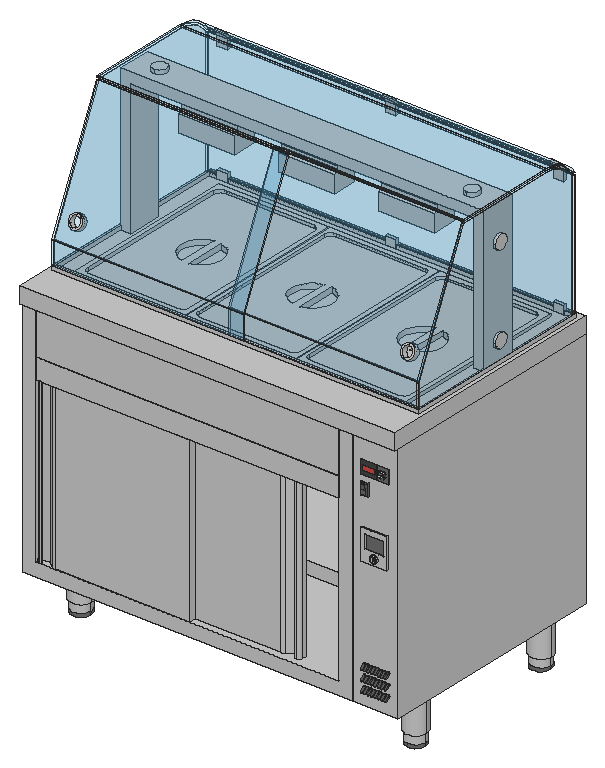
Revit family "QF_INOMAK_MFV711_250606081617", category Specialty Equipment, Revit 2021
Family settings
  Round Connector Dimension = Use Diameter
  Part Type = Normal
  OmniClass Number = 23.40.40.14
  OmniClass Title = Food Service Equipment
  Work Plane-Based = No
  Always vertical = Yes
  Cut with Voids When Loaded = No
  Shared = No
  Room Calculation Point = No
Parameters (values of type "MFV711")
  Weight [instance] = 87.00 kg
  Waste Water Discharge Temperature [instance] = 0 °C
  Waste Remarks [instance] = ""
  Warranty Start Date [instance] = ""
  Warranty Duration [instance] = ""
  Volts [instance] = 230 V
  Volt Free Conn [instance] = no
  URL Recommended Spares List [instance] = ""
  URL Manufacturer [instance] = ""
  URL Cutsheet [instance] = ""
  URL Critical Spares List [instance] = ""
  URL = "www.inomak.com"
  Technical Documentation [instance] = ""
  Tag Number [instance] = ""
  Status [instance] = ""
  Start Up Current [instance] = 0 A
  Specification by User [instance] = ""
  Specification by Manufacturer [instance] = ""
  Sound Level [instance] = ""
  Show Logo [instance] = yes
  Show Clearances [instance] = yes
  Service Life Duration [instance] = ""
  Serial Number [instance] = ""
  Seismic Rating [instance] = ""
  SMACNA No [instance] = ""
  Revision Code [instance] = ""
  Revision [instance] = ""
  Production Year [instance] = ""
  Potential Equalisation [instance] = no
  Point Load [instance] = 0
  Plumbing Remarks [instance] = ""
  Plumbing Connection Type [instance] = ""
  Phase [instance] = 1
  Other Equipment Approvals [instance] = ""
  Operational Current [instance] = 0 A
  Odor Trap Included [instance] = no
  Number of Poles [instance] = 2
  No Load Power Draw [instance] = no
  National Water Regulation Certification [instance] = no
  NAFEM Spec ID Number [instance] = ""
  Model Warning [instance] = ""
  Model = "MFV711"
  Min Ckt Ampacity [instance] = 0 A
  Max Overcurrent Protection [instance] = 16 A
  Masterspec [instance] = ""
  Manufacturer = "INOMAK"
  Main switch integrated [instance] = no
  Length Actual [instance] = 1102 mm
  Item Number [instance] = ""
  Installed By [instance] = ""
  Installation Date [instance] = ""
  Indirect Waste Size [instance] = 25.4 mm
  Indirect Waste Remarks [instance] = ""
  Indirect Waste Flow [instance] = 0.0 L/s
  Indirect Waste Connection Type [instance] = ""
  Indirect Waste Connection Height [instance] = 0 mm
  Identify Quantity as Lot [instance] = no
  ID [instance] = ""
  Hygiene Approval [instance] = ""
  Height Actual [instance] = 1313 mm
  HP power [instance] = ""
  Furnished By [instance] = ""
  Foodservice Equipment Identifier [instance] = no
  FL Amps [instance] = 10.4 A
  Electrical Remarks [instance] = ""
  Electric power [instance] = 2390 W
  Electric Connection Type [instance] = ""
  Elec Conn RI Height [instance] = 0 mm
  Elec Conn Connection Height [instance] = 0 mm
  ETL Approved [instance] = no
  Direct Waste Water Discharge Temperature [instance] = -273.15 °C
  Direct Waste Size [instance] = 25.4 mm
  Direct Waste RI Height [instance] = 0 mm
  Direct Waste Flow [instance] = 0.0 L/s
  Direct Waste Connection Height [instance] = 0 mm
  Description = "BAIN MARIE ON CUPBOARD WITH 2 GN PANS CAPACITY AND SHOWCASE"
  Depth Actual [instance] = 700 mm
  Default Elevation = 0 mm
  Cycle [instance] = 50 Hz
  Cost = 0
  Connection to energy optimisation system [instance] = yes
  Conn Plug [instance] = ""
  Conn Conduit [instance] = no
  Cold Water Temperature Recommended [instance] = 0 °C
  Cold Water Size [instance] = 12.7 mm
  Cold Water Remarks [instance] = ""
  Cold Water RI Height [instance] = 0 mm
  Cold Water Quality [instance] = ""
  Cold Water Minimum Pressure [instance] = 200000.0 Pa
  Cold Water Maximum Pressure [instance] = 600000.0 Pa
  Cold Water Flow [instance] = 0.0 L/s
  Cold Water Connection Type [instance] = ""
  Cold Water Connection Height [instance] = 0 mm
  Centralized building control system with digital interface [instance] = ""
  CSI MasterFormat [instance] = ""
  CE Approved [instance] = no
  Barcode [instance] = 0
  Author [instance] = ""
  Asset Identifier [instance] = ""
  Apparent Power [instance] = 2390 VA
  Accessory [instance] = no
Reference planes
  plane 1 "Center (Front/Back)": y = 0
  plane 2: z = 0
  plane 3 "Center (Left/Right)": x = 0
Forms (mm)
  Extrusion 1, solid, not visible
    sketch origin (110.005, -510.025, 146.007) x (1, 0, 0) y (0, 1, 0)
      loop
        line (-2, 2) -> (-2, -2) -> (2, -2) -> (2, 2) -> (-2, 2)
    from -2 to 2
  Extrusion 2, solid, not visible
    sketch origin (110.005, -510.025, 146.007) x (1, 0, 0) y (0, 1, 0)
      loop
        line (-2, 2) -> (-2, -2) -> (2, -2) -> (2, 2) -> (-2, 2)
    from -2 to 2
  Extrusion 3, solid, not visible
    sketch origin (1055.051, -635.031, 146.007) x (1, 0, 0) y (0, 1, 0)
      loop
        line (-2, 2) -> (-2, -2) -> (2, -2) -> (2, 2) -> (-2, 2)
    from -2 to 2
Dimensions and locks
  locked: nested 2 to Extrusion 1 at 2  (x2)
  locked: nested 3 to Extrusion 2 at 2  (x2)
  locked: nested 4 to Extrusion 3 at 2  (x2)
  aligned and locked: level to plane 2
Nested families
  nested 1: "QF_INOMAK_CUPBOARD_BAIN_MARIES_1105_2920" at (0, 0, 144), type "MFV711"
    with Weight 87.00 kg, Warranty Start Date "", Warranty Duration "", URL Cutsheet "", Technical Documentation "", Tag Number "", Status "", Specification by User "", Specification by Manufacturer "", Sound Level "", Solid Fuel Type "", Show Logo yes, Show Clearances yes, Service Life Duration "", Serial Number "", Seismic Rating "", SMACNA No "", Revision Code "", Revision "", Production Year "", Point Load 0, Other Equipment Approvals "", NAFEM Spec ID Number "", Model Warning "", Masterspec "", Length Actual 1102 mm, Item Number "", Installed By "", Installation Date "", Identify Quantity as Lot yes, ID "", Hygiene Approval "", Height Actual 1313 mm, Furnished By "", Foodservice Equipment Identifier yes, ETL Approved yes, Depth Actual 700 mm, CSI MasterFormat "", CE Approved yes, Barcode "", Author "", Asset Identifier "", Accessory no
  nested 2: "CONN_POINT_COLDWATER_2D___Generic_Annotation" at (110.005, -510.025, 144.007), type "CONN_POINT_COLDWATER_2D___Generic_Annotation"
    with Onboard connection annotation symbol visibility yes
  nested 3: "CONN_POINT_DRAIN_2D___Generic_Annotation" at (110.005, -510.025, 144.007), type "CONN_POINT_DRAIN_2D___Generic_Annotation"
    with Onboard connection annotation symbol visibility yes
  nested 4: "CONN_POINT_ELE_2D___Generic_Annotation" at (1055.051, -635.031, 144.007), type "CONN_POINT_ELE_2D___Generic_Annotation"
    with Onboard connection annotation symbol visibility yes
  nested 5: "QF_INOMAK_HEAT_WORKTOPS_HTVF_1080_4995" at (11, 0, 900), type "HTVF-1080-630"
    with Weight 0.00 kg, Warranty Start Date "", Warranty Duration "", URL Cutsheet "", Technical Documentation "", Tag Number "", Status "", Specification by User "", Specification by Manufacturer "", Sound Level "", Solid Fuel Type "", Show Logo yes, Show Clearances yes, Service Life Duration "", Serial Number "", Seismic Rating "", SMACNA No "", Revision Code "", Revision "", Production Year "", Point Load 0, Other Equipment Approvals "", NAFEM Spec ID Number "", Model Warning "", Masterspec "", Length Actual 1078 mm, Item Number "", Installed By "", Installation Date "", Identify Quantity as Lot yes, ID "", Hygiene Approval "", Height Actual 440 mm, Furnished By "", Foodservice Equipment Identifier yes, ETL Approved yes, Depth Actual 629 mm, CSI MasterFormat "", CE Approved yes, Barcode "", Author "", Asset Identifier "", Accessory yes
  nested 6: "QF_INOMAK_LEGS_6160" at (0, 0, 0), type "LG-1105-700"
    with Weight 0.00 kg, Warranty Start Date "", Warranty Duration "", URL Cutsheet "", Technical Documentation "", Tag Number "", Status "", Specification by User "", Specification by Manufacturer "", Sound Level "", Solid Fuel Type "", Show Logo yes, Show Clearances yes, Service Life Duration "", Serial Number "", Seismic Rating "", SMACNA No "", Revision Code "", Revision "", Production Year "", Point Load 0, Other Equipment Approvals "", NAFEM Spec ID Number "", Model Warning "", Masterspec "", Length Actual 1103 mm, Item Number "", Installed By "", Installation Date "", Identify Quantity as Lot yes, ID "", Hygiene Approval "", Height Actual 144 mm, Furnished By "", Foodservice Equipment Identifier yes, ETL Approved yes, Depth Actual 700 mm, CSI MasterFormat "", CE Approved yes, Barcode "", Author "", Asset Identifier "", Accessory yes
Connectors
  piping at (110.005, -510.025, 144.007), diameter 12.7, driven by "Cold Water Size", driven by "Cold Water Flow"
    settings: on Extrusion 1, index 1, connector inside diameter 609.6 mm, connector length 0 mm, flow factor 0, pipe flow 0.0 L/s, pressure drop 0.0 Pa, fitting loss kfactor 0, connector angle 0.00°, fixture units 0, engagement length 0 mm, angle of deflection 0.00°, flow configuration 1, flow direction 1, fitting loss method 0, system type 20, joint type 0, gender type 0, connector reference index -1, connector utility 0, adjustable connector no, is connector primary yes, connector description "Cold Water connection for MFV711"
  piping at (110.005, -510.025, 144.007), diameter 25.4, driven by "Indirect Waste Size", driven by "Direct Waste Flow"
    settings: on Extrusion 2, index 2, connector inside diameter 609.6 mm, connector length 0 mm, flow factor 0, pipe flow 0.0 L/s, pressure drop 0.0 Pa, fitting loss kfactor 0, connector angle 0.00°, fixture units 0, engagement length 0 mm, angle of deflection 0.00°, flow configuration 1, flow direction 2, fitting loss method 0, system type 16, joint type 0, gender type 0, connector reference index -1, connector utility 0, adjustable connector no, is connector primary no, connector description "Waste connection for MFV711"
  electrical at (1055.051, -635.031, 144.007), driven by "Apparent Power", driven by "Number of Poles", driven by "Volts"
    settings: on Extrusion 3, index 3, voltage 230 V, apparent load 0 VA, apparent load phase1 2390 VA, apparent load phase2 0 VA, apparent load phase3 0 VA, power factor 1, load classification "Other", number of poles 2, system type 31, power factor state 1, is connector primary yes, connector utility no, sub classification motor no, connector description "Electrical connection for MFV711"
Definition of nested family "QF_INOMAK_CUPBOARD_BAIN_MARIES_1105_2920"
  Parameters (values of type "MFV711")
    Weight [instance] = 0.00 kg
    Warranty Start Date [instance] = ""
    Warranty Duration [instance] = ""
    URL Cutsheet [instance] = ""
    URL = "www.inomak.com"
    Technical Documentation [instance] = ""
    Tag Number [instance] = ""
    Status [instance] = ""
    Specification by User [instance] = ""
    Specification by Manufacturer [instance] = ""
    Sound Level [instance] = ""
    Solid Fuel Type [instance] = ""
    Show Logo [instance] = yes
    Show Clearances [instance] = yes
    Service Life Duration [instance] = ""
    Serial Number [instance] = ""
    Seismic Rating [instance] = ""
    SMACNA No [instance] = ""
    Revision Code [instance] = ""
    Revision [instance] = ""
    Production Year [instance] = ""
    Point Load [instance] = 0
    Other Equipment Approvals [instance] = ""
    NAFEM Spec ID Number [instance] = ""
    Model Warning [instance] = ""
    Model = "MFV711"
    Masterspec [instance] = ""
    Manufacturer = "INOMAK"
    Length Actual [instance] = 0 mm
    Item Number [instance] = ""
    Installed By [instance] = ""
    Installation Date [instance] = ""
    Identify Quantity as Lot [instance] = yes
    ID [instance] = ""
    Hygiene Approval [instance] = ""
    Height Actual [instance] = 0 mm
    Furnished By [instance] = ""
    Foodservice Equipment Identifier [instance] = yes
    ETL Approved [instance] = yes
    Description = "BAIN MARIE ON CUPBOARD WITH 2 GN PANS CAPACITY AND SHOWCASE"
    Depth Actual [instance] = 0 mm
    Default Elevation = 0 mm
    CSI MasterFormat [instance] = ""
    CE Approved [instance] = yes
    Barcode [instance] = ""
    Author [instance] = ""
    Asset Identifier [instance] = ""
    Assembly Code = "E1090320"
    Accessory [instance] = yes
  Types (10, lengths in mm): name | Model | Description
    MFV711 | "MFV711" | "BAIN MARIE ON CUPBOARD WITH 2 GN PANS CAPACITY AND SHOWCASE"
    MVV711 | "MVV711" | "BAIN MARIE ON CUPBOARD WITH 2 GN PANS CAPACITY AND SINGLE SNEEZE GUARD"
    MFSQ711 | "MFSQ711" | "BAIN MARIE ON CUPBOARD WITH 2 GN PANS CAPACITY AND SQUARE SHOWCASE"
    MHV711 | "MHV711" | "BAIN MARIE ON HEATED CUPBOARD WITH 2 GN PANS CAPACITY"
    MDV711 | "MDV711" | "BAIN MARIE ON CUPBOARD WITH 2 GN PANS CAPACITY"
    MRV711 | "MRV711" | "BAIN MARIE ON CUPBOARD WITH 2 GN PANS CAPACITY AND DOUBLE SNEEZE GUARD"
    MIV711 | "MIV711" | "BAIN MARIE ON HEATED CUPBOARD WITH 2 GN PANS CAPACITY AND SHOWCASE"
    MJV711 | "MJV711" | "BAIN MARIE ON HEATED CUPBOARD WITH 2 GN PANS CAPACITY AND SINGLE SNEEZE GUARD"
    MQV711 | "MQV711" | "BAIN MARIE ON HEATED CUPBOARD WITH 2 GN PANS CAPACITY AND DOUBLE SNEEZE GUARD"
    MISQ711 | "MISQ711" | "BAIN MARIE ON HEATED CUPBOARD WITH 2 GN PANS CAPACITY AND SQUARE SHOWCASE"
  Reference planes
    plane 1 "Back": y = 0
    plane 2: z = 0
    plane 3 "Left": x = 0
    plane 4 "Right": x = 1102
    plane 5 "Front": y = -700
    plane 6 "Top": z = 756
  Forms (mm)
    Extrusion 1, solid
      sketch origin (479.783, -707, -123.631) x (-1, 0, 0) y (0, 0, 1)
        loop
          arc (-522.253, 235.165) -> (-526.351, 236.263) -> (-527.449, 232.165) r 3
          line (-527.449, 232.165) -> (-518.449, 216.577)
          arc (-518.449, 216.577) -> (-514.351, 215.479) -> (-513.253, 219.577) r 3
          line (-513.253, 219.577) -> (-522.253, 235.165)
        loop
          arc (-532.253, 235.165) -> (-536.351, 236.263) -> (-537.449, 232.165) r 3
          line (-537.449, 232.165) -> (-528.449, 216.577)
          arc (-528.449, 216.577) -> (-524.351, 215.479) -> (-523.253, 219.577) r 3
          line (-523.253, 219.577) -> (-532.253, 235.165)
        loop
          arc (-542.253, 235.165) -> (-546.351, 236.263) -> (-547.449, 232.165) r 3
          line (-547.449, 232.165) -> (-538.449, 216.577)
          arc (-538.449, 216.577) -> (-534.351, 215.479) -> (-533.253, 219.577) r 3
          line (-533.253, 219.577) -> (-542.253, 235.165)
        loop
          arc (-552.253, 235.165) -> (-556.351, 236.263) -> (-557.449, 232.165) r 3
          line (-557.449, 232.165) -> (-548.449, 216.577)
          arc (-548.449, 216.577) -> (-544.351, 215.479) -> (-543.253, 219.577) r 3
          line (-543.253, 219.577) -> (-552.253, 235.165)
        loop
          arc (-562.253, 235.165) -> (-566.351, 236.263) -> (-567.449, 232.165) r 3
          line (-567.449, 232.165) -> (-558.449, 216.577)
          arc (-558.449, 216.577) -> (-554.351, 215.479) -> (-553.253, 219.577) r 3
          line (-553.253, 219.577) -> (-562.253, 235.165)
        loop
          arc (-572.253, 235.165) -> (-576.351, 236.263) -> (-577.449, 232.165) r 3
          line (-577.449, 232.165) -> (-568.449, 216.577)
          arc (-568.449, 216.577) -> (-564.351, 215.479) -> (-563.253, 219.577) r 3
          line (-563.253, 219.577) -> (-572.253, 235.165)
        loop
          arc (-582.253, 235.165) -> (-586.351, 236.263) -> (-587.449, 232.165) r 3
          line (-587.449, 232.165) -> (-578.449, 216.577)
          arc (-578.449, 216.577) -> (-574.351, 215.479) -> (-573.253, 219.577) r 3
          line (-573.253, 219.577) -> (-582.253, 235.165)
        loop
          arc (-592.253, 235.165) -> (-596.351, 236.263) -> (-597.449, 232.165) r 3
          line (-597.449, 232.165) -> (-588.449, 216.577)
          arc (-588.449, 216.577) -> (-584.351, 215.479) -> (-583.253, 219.577) r 3
          line (-583.253, 219.577) -> (-592.253, 235.165)
        loop
          arc (-522.253, 205.165) -> (-526.351, 206.263) -> (-527.449, 202.165) r 3
          line (-527.449, 202.165) -> (-518.449, 186.577)
          arc (-518.449, 186.577) -> (-514.351, 185.479) -> (-513.253, 189.577) r 3
          line (-513.253, 189.577) -> (-522.253, 205.165)
        loop
          arc (-532.253, 205.165) -> (-536.351, 206.263) -> (-537.449, 202.165) r 3
          line (-537.449, 202.165) -> (-528.449, 186.577)
          arc (-528.449, 186.577) -> (-524.351, 185.479) -> (-523.253, 189.577) r 3
          line (-523.253, 189.577) -> (-532.253, 205.165)
        loop
          arc (-542.253, 205.165) -> (-546.351, 206.263) -> (-547.449, 202.165) r 3
          line (-547.449, 202.165) -> (-538.449, 186.577)
          arc (-538.449, 186.577) -> (-534.351, 185.479) -> (-533.253, 189.577) r 3
          line (-533.253, 189.577) -> (-542.253, 205.165)
        loop
          arc (-552.253, 205.165) -> (-556.351, 206.263) -> (-557.449, 202.165) r 3
          line (-557.449, 202.165) -> (-548.449, 186.577)
          arc (-548.449, 186.577) -> (-544.351, 185.479) -> (-543.253, 189.577) r 3
          line (-543.253, 189.577) -> (-552.253, 205.165)
        loop
          arc (-562.253, 205.165) -> (-566.351, 206.263) -> (-567.449, 202.165) r 3
          line (-567.449, 202.165) -> (-558.449, 186.577)
          arc (-558.449, 186.577) -> (-554.351, 185.479) -> (-553.253, 189.577) r 3
          line (-553.253, 189.577) -> (-562.253, 205.165)
        loop
          arc (-572.253, 205.165) -> (-576.351, 206.263) -> (-577.449, 202.165) r 3
          line (-577.449, 202.165) -> (-568.449, 186.577)
          arc (-568.449, 186.577) -> (-564.351, 185.479) -> (-563.253, 189.577) r 3
          line (-563.253, 189.577) -> (-572.253, 205.165)
        loop
          arc (-582.253, 205.165) -> (-586.351, 206.263) -> (-587.449, 202.165) r 3
          line (-587.449, 202.165) -> (-578.449, 186.577)
          arc (-578.449, 186.577) -> (-574.351, 185.479) -> (-573.253, 189.577) r 3
          line (-573.253, 189.577) -> (-582.253, 205.165)
        loop
          arc (-592.253, 205.165) -> (-596.351, 206.263) -> (-597.449, 202.165) r 3
          line (-597.449, 202.165) -> (-588.449, 186.577)
          arc (-588.449, 186.577) -> (-584.351, 185.479) -> (-583.253, 189.577) r 3
          line (-583.253, 189.577) -> (-592.253, 205.165)
        loop
          arc (-522.253, 175.165) -> (-526.351, 176.263) -> (-527.449, 172.165) r 3
          line (-527.449, 172.165) -> (-518.449, 156.577)
          arc (-518.449, 156.577) -> (-514.351, 155.479) -> (-513.253, 159.577) r 3
          line (-513.253, 159.577) -> (-522.253, 175.165)
        loop
          arc (-532.253, 175.165) -> (-536.351, 176.263) -> (-537.449, 172.165) r 3
          line (-537.449, 172.165) -> (-528.449, 156.577)
          arc (-528.449, 156.577) -> (-524.351, 155.479) -> (-523.253, 159.577) r 3
          line (-523.253, 159.577) -> (-532.253, 175.165)
        loop
          arc (-542.253, 175.165) -> (-546.351, 176.263) -> (-547.449, 172.165) r 3
          line (-547.449, 172.165) -> (-538.449, 156.577)
          arc (-538.449, 156.577) -> (-534.351, 155.479) -> (-533.253, 159.577) r 3
          line (-533.253, 159.577) -> (-542.253, 175.165)
        loop
          arc (-552.253, 175.165) -> (-556.351, 176.263) -> (-557.449, 172.165) r 3
          line (-557.449, 172.165) -> (-548.449, 156.577)
          arc (-548.449, 156.577) -> (-544.351, 155.479) -> (-543.253, 159.577) r 3
          line (-543.253, 159.577) -> (-552.253, 175.165)
        loop
          arc (-562.253, 175.165) -> (-566.351, 176.263) -> (-567.449, 172.165) r 3
          line (-567.449, 172.165) -> (-558.449, 156.577)
          arc (-558.449, 156.577) -> (-554.351, 155.479) -> (-553.253, 159.577) r 3
          line (-553.253, 159.577) -> (-562.253, 175.165)
        loop
          arc (-572.253, 175.165) -> (-576.351, 176.263) -> (-577.449, 172.165) r 3
          line (-577.449, 172.165) -> (-568.449, 156.577)
          arc (-568.449, 156.577) -> (-564.351, 155.479) -> (-563.253, 159.577) r 3
          line (-563.253, 159.577) -> (-572.253, 175.165)
        loop
          arc (-582.253, 175.165) -> (-586.351, 176.263) -> (-587.449, 172.165) r 3
          line (-587.449, 172.165) -> (-578.449, 156.577)
          arc (-578.449, 156.577) -> (-574.351, 155.479) -> (-573.253, 159.577) r 3
          line (-573.253, 159.577) -> (-582.253, 175.165)
        loop
          arc (-592.253, 175.165) -> (-596.351, 176.263) -> (-597.449, 172.165) r 3
          line (-597.449, 172.165) -> (-588.449, 156.577)
          arc (-588.449, 156.577) -> (-584.351, 155.479) -> (-583.253, 159.577) r 3
          line (-583.253, 159.577) -> (-592.253, 175.165)
      from 16.5 to 18.5
    Extrusion 2, solid
      sketch origin (787.766, -692, 538.514) x (-1, 0, 0) y (0, 0, 1)
        loop
          line (-208.234, 108.408) -> (-253.234, 108.408) -> (-253.234, 68.408) -> (-208.234, 68.408) -> (-208.234, 108.408)
      from 0 to 2
    Extrusion 3, solid
      sketch origin (66, -693, 539.422) x (-1, 0, 0) y (0, 0, 1)
        loop
          line (-950, 15) -> (-930, 15) -> (-930, 50) -> (-950, 50) -> (-950, 15)
      from 0 to 3
    Extrusion 4, solid
      sketch origin (94, -568, 539.422) x (0, 1, 0) y (0, 0, 1)
        loop
          line (-125, 18) -> (-125, 47)
          arc (-125, 47) -> (-127.961, 46.812) -> (-130.754, 45.81) r 10.576
          line (-130.754, 45.81) -> (-128, 32.5) -> (-128, 18) -> (-125, 18)
      from 905 to 919
    Extrusion 5, solid
      sketch origin (832.766, -692, 538.514) x (-1, 0, 0) y (0, 0, 1)
        loop
          line (-208.234, 108.408) -> (-243.234, 108.408) -> (-243.234, 68.408) -> (-208.234, 68.408) -> (-208.234, 108.408)
      from 0 to 2
    Extrusion 6, solid
      sketch origin (787.766, -692.5, 538.514) x (-1, 0, 0) y (0, 0, 1)
        loop
          line (-213.234, 94.908) -> (-248.234, 94.908) -> (-248.234, 81.908) -> (-213.234, 81.908) -> (-213.234, 94.908)
      from 0 to 2.5
    Extrusion 7, solid
      sketch origin (787.766, -692.5, 538.514) x (-1, 0, 0) y (0, 0, 1)
        loop
          line (-271.558, 91.171) -> (-275.802, 98.522) -> (-280.047, 91.171) -> (-271.558, 91.171)
        loop
          line (-271.558, 85.645) -> (-280.047, 85.645) -> (-275.802, 78.294) -> (-271.558, 85.645)
        loop
          line (-257.397, 85.645) -> (-267.397, 85.645) -> (-267.397, 78.294) -> (-257.397, 78.294) -> (-257.397, 85.645)
        loop
          line (-265.397, 98.522) -> (-267.397, 98.522) -> (-267.397, 92.322) -> (-259.549, 92.322) -> (-259.549, 91.171) -> (-257.397, 93.322) -> (-259.549, 95.474) -> (-259.549, 94.322) -> (-265.397, 94.322) -> (-265.397, 98.522)
      from 0 to 2.5
    Extrusion 8, solid
      sketch origin (8.5, 0, 492) x (1, 0, 0) y (0, 1, 0)
        loop
          line (55, -50) -> (55, -580) -> (380, -580) -> (380, -50) -> (55, -50)
        loop
          arc (87.5, -65) -> (73.358, -70.858) -> (67.5, -85) r 20
          line (67.5, -85) -> (67.5, -545.415)
          arc (67.5, -545.415) -> (73.358, -559.557) -> (87.5, -565.415) r 20
          line (87.5, -565.415) -> (347.5, -565.415)
          arc (347.5, -565.415) -> (361.642, -559.557) -> (367.5, -545.415) r 20
          line (367.5, -545.415) -> (367.5, -85)
          arc (367.5, -85) -> (361.642, -70.858) -> (347.5, -65) r 20
          line (347.5, -65) -> (87.5, -65)
      from 218 to 270
    Extrusion 9, solid
      sketch origin (8.5, 0, 485) x (1, 0, 0) y (0, 1, 0)
        loop
          arc (67.5, -545.415) -> (73.358, -559.557) -> (87.5, -565.415) r 20
          line (87.5, -565.415) -> (347.5, -565.415)
          arc (347.5, -565.415) -> (361.642, -559.557) -> (367.5, -545.415) r 20
          line (367.5, -545.415) -> (367.5, -85)
          arc (367.5, -85) -> (361.642, -70.858) -> (347.5, -65) r 20
          line (347.5, -65) -> (87.5, -65)
          arc (87.5, -65) -> (73.358, -70.858) -> (67.5, -85) r 20
          line (67.5, -85) -> (67.5, -545.415)
      from 225 to 270
    Extrusion 10, void
      sketch origin (8.5, 0, 500) x (1, 0, 0) y (0, 1, 0)
        loop
          arc (207.5, -256.046) -> (157.5, -315.207) -> (207.5, -374.368) r 60
          line (207.5, -374.368) -> (207.5, -256.046)
        loop
          line (227.5, -256.046) -> (227.5, -374.368)
          arc (227.5, -374.368) -> (277.5, -315.207) -> (227.5, -256.046) r 60
      from 240 to 270
    Extrusion 11, solid
      sketch origin (333.5, 0, 492) x (1, 0, 0) y (0, 1, 0)
        loop
          line (55, -50) -> (55, -580) -> (380, -580) -> (380, -50) -> (55, -50)
        loop
          arc (87.5, -65) -> (73.358, -70.858) -> (67.5, -85) r 20
          line (67.5, -85) -> (67.5, -545.415)
          arc (67.5, -545.415) -> (73.358, -559.557) -> (87.5, -565.415) r 20
          line (87.5, -565.415) -> (347.5, -565.415)
          arc (347.5, -565.415) -> (361.642, -559.557) -> (367.5, -545.415) r 20
          line (367.5, -545.415) -> (367.5, -85)
          arc (367.5, -85) -> (361.642, -70.858) -> (347.5, -65) r 20
          line (347.5, -65) -> (87.5, -65)
      from 218 to 270
    Extrusion 12, solid
      sketch origin (333.5, 0, 485) x (1, 0, 0) y (0, 1, 0)
        loop
          arc (67.5, -545.415) -> (73.358, -559.557) -> (87.5, -565.415) r 20
          line (87.5, -565.415) -> (347.5, -565.415)
          arc (347.5, -565.415) -> (361.642, -559.557) -> (367.5, -545.415) r 20
          line (367.5, -545.415) -> (367.5, -85)
          arc (367.5, -85) -> (361.642, -70.858) -> (347.5, -65) r 20
          line (347.5, -65) -> (87.5, -65)
          arc (87.5, -65) -> (73.358, -70.858) -> (67.5, -85) r 20
          line (67.5, -85) -> (67.5, -545.415)
      from 225 to 270
    Extrusion 13, void
      sketch origin (333.5, 0, 500) x (1, 0, 0) y (0, 1, 0)
        loop
          arc (207.5, -256.046) -> (157.5, -315.207) -> (207.5, -374.368) r 60
          line (207.5, -374.368) -> (207.5, -256.046)
        loop
          line (227.5, -256.046) -> (227.5, -374.368)
          arc (227.5, -374.368) -> (277.5, -315.207) -> (227.5, -256.046) r 60
      from 240 to 270
    Extrusion 14, solid
      sketch origin (658.5, 0, 492) x (1, 0, 0) y (0, 1, 0)
        loop
          line (55, -50) -> (55, -580) -> (380, -580) -> (380, -50) -> (55, -50)
        loop
          arc (87.5, -65) -> (73.358, -70.858) -> (67.5, -85) r 20
          line (67.5, -85) -> (67.5, -545.415)
          arc (67.5, -545.415) -> (73.358, -559.557) -> (87.5, -565.415) r 20
          line (87.5, -565.415) -> (347.5, -565.415)
          arc (347.5, -565.415) -> (361.642, -559.557) -> (367.5, -545.415) r 20
          line (367.5, -545.415) -> (367.5, -85)
          arc (367.5, -85) -> (361.642, -70.858) -> (347.5, -65) r 20
          line (347.5, -65) -> (87.5, -65)
      from 218 to 270
    Extrusion 15, solid
      sketch origin (658.5, 0, 485) x (1, 0, 0) y (0, 1, 0)
        loop
          arc (67.5, -545.415) -> (73.358, -559.557) -> (87.5, -565.415) r 20
          line (87.5, -565.415) -> (347.5, -565.415)
          arc (347.5, -565.415) -> (361.642, -559.557) -> (367.5, -545.415) r 20
          line (367.5, -545.415) -> (367.5, -85)
          arc (367.5, -85) -> (361.642, -70.858) -> (347.5, -65) r 20
          line (347.5, -65) -> (87.5, -65)
          arc (87.5, -65) -> (73.358, -70.858) -> (67.5, -85) r 20
          line (67.5, -85) -> (67.5, -545.415)
      from 225 to 270
    Extrusion 16, void
      sketch origin (658.5, 0, 500) x (1, 0, 0) y (0, 1, 0)
        loop
          arc (207.5, -256.046) -> (157.5, -315.207) -> (207.5, -374.368) r 60
          line (207.5, -374.368) -> (207.5, -256.046)
        loop
          line (227.5, -256.046) -> (227.5, -374.368)
          arc (227.5, -374.368) -> (277.5, -315.207) -> (227.5, -256.046) r 60
      from 240 to 270
    Extrusion 17, solid
      sketch origin (0, 0, 710) x (1, 0, 0) y (0, 1, 0)
        loop
          line (0, 0) -> (0, -700) -> (1102, -700) -> (1102, 0) -> (0, 0)
        loop
          line (63.5, -50) -> (63.5, -580) -> (1038.5, -580) -> (1038.5, -50) -> (63.5, -50)
      from 0 to 46
    Extrusion 18, solid
      sketch origin (0, 0, 0) x (1, 0, 0) y (0, 1, 0)
        loop
          line (0, -690) -> (40, -690) -> (40, -40) -> (930, -40) -> (930, -690) -> (970, -690) -> (970, 0) -> (0, 0) -> (0, -690)
      from 0 to 710
    Extrusion 19, solid
      sketch origin (-1.5, 0, 0) x (1, 0, 0) y (0, 1, 0)
        loop
          line (971.5, 0) -> (971.5, -690) -> (1103.5, -690) -> (1103.5, 0) -> (971.5, 0)
      from 0 to 710
    Extrusion 20, solid
      sketch origin (-130, -690, 0) x (-1, 0, 0) y (0, 1, 0)
        loop
          line (-170, 10) -> (-170, 20) -> (-620, 20) -> (-620, 0) -> (-226.156, 0)
          arc (-226.156, 0) -> (-220.272, 0.885) -> (-214.91, 3.461) r 20
          line (-214.91, 3.461) -> (-195, 17) -> (-173, 17) -> (-173, 10)
          arc (-173, 10) -> (-175.05, 5.05) -> (-180, 3) r 7
          line (-180, 3) -> (-185.012, 3) -> (-185.012, 0) -> (-180, 0)
          arc (-180, 0) -> (-172.929, 2.929) -> (-170, 10) r 10
      from -40 to -520
    Extrusion 21, solid
      sketch origin (-131.5, -690, 0) x (-1, 0, 0) y (0, 1, 0)
        loop
          arc (-930, 30) -> (-927.071, 22.929) -> (-920, 20) r 10
          line (-920, 20) -> (-914.988, 20) -> (-914.988, 23) -> (-920, 23)
          arc (-920, 23) -> (-924.95, 25.05) -> (-927, 30) r 7
          line (-927, 30) -> (-927, 37) -> (-905, 37) -> (-885.09, 23.461)
          arc (-885.09, 23.461) -> (-879.728, 20.885) -> (-873.844, 20) r 20
          line (-873.844, 20) -> (-480, 20) -> (-480, 40) -> (-930, 40) -> (-930, 30)
      from -40 to -520
    Extrusion 22, solid
      sketch origin (0, 0, 0) x (1, 0, 0) y (0, 1, 0)
        loop
          line (40, -40) -> (40, -690) -> (930, -690) -> (930, -40) -> (40, -40)
      from 0 to 40
    Extrusion 23, solid
      sketch origin (0.5, 0, 672.314) x (1, 0, 0) y (0, 1, 0)
        loop
          line (39.5, -40) -> (39.5, -690) -> (929.5, -690) -> (929.5, -40) -> (39.5, -40)
      from -92.314 to 37.686
    Extrusion 24, solid
      sketch origin (0, 0, 610.314) x (1, 0, 0) y (0, 1, 0)
        loop
          line (40, -40) -> (40, -690) -> (930, -690) -> (930, -40) -> (40, -40)
      from -90.314 to -30.314
    Extrusion 25, solid
      sketch origin (-1.5, 0, 255) x (1, 0, 0) y (0, 1, 0)
        loop
          line (41.5, -40) -> (41.5, -645) -> (931.5, -645) -> (931.5, -40) -> (41.5, -40)
      from 0 to 35
    Extrusion 26, solid
      sketch origin (5.502, -695, 50) x (-1, 0, 0) y (0, 0, 1)
        loop
          line (-992.998, 421.076) -> (-1067.998, 421.076) -> (-1067.998, 331.076) -> (-992.998, 331.076) -> (-992.998, 421.076)
        loop
          line (-1003.957, 406.276) -> (-1058.957, 406.276) -> (-1058.957, 366.276) -> (-1003.957, 366.276) -> (-1003.957, 406.276)
      from 0 to 5
    Extrusion 27, solid
      sketch origin (5.502, -692, 50) x (-1, 0, 0) y (0, 0, 1)
        loop
          line (-1003.957, 406.276) -> (-1058.957, 406.276) -> (-1058.957, 366.276) -> (-1003.957, 366.276) -> (-1003.957, 406.276)
      from 0 to 2
    Revolve 28, solid
      sketch origin (1036, 59.612, -3292.415) x (0, 1, 0) y (0, 0, 1)
        loop
          line (-757.012, 3691.152) -> (-754.612, 3691.152) -> (-754.612, 3701.789) -> (-757.662, 3701.789) -> (-759.012, 3699.998) -> (-757.012, 3699.998) -> (-757.012, 3691.152)
        axis (-754.612, 3691.152) -> (-759.012, 3691.152)
      angle from 0 to 360
    Extrusion 29, solid
      sketch origin (-1055.627, -695, 2689.585) x (-1, 0, 0) y (0, 0, 1)
        loop
          line (-2090.827, -2287.348) -> (-2092.827, -2287.348) -> (-2092.827, -2294.348) -> (-2090.827, -2294.348) -> (-2090.827, -2287.348)
        loop
          circle (-2091.627, -2290.848) r 7.846
      from -4.4 to -2.4
  Cuts and joins
    Extrusion 10, Extrusion 13 cuts Extrusion 9
    Extrusion 13, Extrusion 16 cuts Extrusion 12
    Extrusion 16 cuts Extrusion 15
    joined: Extrusion 18, Extrusion 22
  Lines and regions (mm)
    symbolic lines
      curve 1: line (0, 0, 0) -> (1102, 0, 0)
      curve 2: line (0, -700, 0) -> (0, 0, 0)
      curve 3: line (1102, -700, 0) -> (0, -700, 0)
      curve 4: line (1102, 0, 0) -> (1102, -700, 0)
      curve 5: line (63.5, -50, 0) -> (1038.5, -50, 0)
      curve 6: line (63.5, -580, 0) -> (63.5, -50, 0)
      curve 7: line (1038.5, -580, 0) -> (63.5, -580, 0)
      curve 8: line (713.5, -50, 0) -> (713.5, -580, 0)
      curve 9: line (388.5, -50, 0) -> (388.5, -580, 0)
      curve 10: line (1038.5, -50, 0) -> (1038.5, -580, 0)
      curve 11: line (96, -65, 0) -> (356, -65, 0)
      curve 12: arc (76, -85, 0) -> (81.858, -70.858, 0) -> (96, -65, 0) r 20
      curve 13: line (76, -545.415, 0) -> (76, -85, 0)
      curve 14: arc (96, -565.415, 0) -> (81.858, -559.557, 0) -> (76, -545.415, 0) r 20
      curve 15: line (356, -565.415, 0) -> (96, -565.415, 0)
      curve 16: arc (376, -545.415, 0) -> (370.142, -559.557, 0) -> (356, -565.415, 0) r 20
      curve 17: line (376, -85, 0) -> (376, -545.415, 0)
      curve 18: arc (356, -65, 0) -> (370.142, -70.858, 0) -> (376, -85, 0) r 20
      curve 19: arc (216, -256.046, 0) -> (166, -315.207, 0) -> (216, -374.368, 0) r 60
      curve 20: line (216, -374.368, 0) -> (216, -256.046, 0)
      curve 21: line (236, -256.046, 0) -> (236, -374.368, 0)
      curve 22: arc (236, -374.368, 0) -> (286, -315.207, 0) -> (236, -256.046, 0) r 60
      curve 23: arc (401, -85, 0) -> (406.858, -70.858, 0) -> (421, -65, 0) r 20
      curve 24: line (421, -65, 0) -> (681, -65, 0)
      curve 25: arc (681, -65, 0) -> (695.142, -70.858, 0) -> (701, -85, 0) r 20
      curve 26: line (701, -85, 0) -> (701, -545.415, 0)
      curve 27: arc (701, -545.415, 0) -> (695.142, -559.557, 0) -> (681, -565.415, 0) r 20
      curve 28: line (681, -565.415, 0) -> (421, -565.415, 0)
      curve 29: arc (421, -565.415, 0) -> (406.858, -559.557, 0) -> (401, -545.415, 0) r 20
      curve 30: line (401, -545.415, 0) -> (401, -85, 0)
      curve 31: arc (541, -256.046, 0) -> (491, -315.207, 0) -> (541, -374.368, 0) r 60
      curve 32: line (541, -374.368, 0) -> (541, -256.046, 0)
      curve 33: line (561, -256.046, 0) -> (561, -374.368, 0)
      curve 34: arc (561, -374.368, 0) -> (611, -315.207, 0) -> (561, -256.046, 0) r 60
      curve 35: line (746, -65, 0) -> (1006, -65, 0)
      curve 36: arc (1006, -65, 0) -> (1020.142, -70.858, 0) -> (1026, -85, 0) r 20
      curve 37: line (1026, -85, 0) -> (1026, -545.415, 0)
      curve 38: arc (1026, -545.415, 0) -> (1020.142, -559.557, 0) -> (1006, -565.415, 0) r 20
      curve 39: line (1006, -565.415, 0) -> (746, -565.415, 0)
      curve 40: arc (746, -565.415, 0) -> (731.858, -559.557, 0) -> (726, -545.415, 0) r 20
      curve 41: line (726, -545.415, 0) -> (726, -85, 0)
      curve 42: arc (726, -85, 0) -> (731.858, -70.858, 0) -> (746, -65, 0) r 20
      curve 43: arc (866, -256.046, 0) -> (816, -315.207, 0) -> (866, -374.368, 0) r 60
      curve 44: line (866, -374.368, 0) -> (866, -256.046, 0)
      curve 45: line (886, -256.046, 0) -> (886, -374.368, 0)
      curve 46: arc (886, -374.368, 0) -> (936, -315.207, 0) -> (886, -256.046, 0) r 60
  Dimensions and locks
    plane 3 "Left" to plane 4 "Right" = 1102 mm
    plane 5 "Front" to plane 1 "Back" = 700 mm
    plane 6 "Top" to plane 2 = 756 mm
    aligned and locked: level to plane 2
Definition of nested family "QF_INOMAK_HEAT_WORKTOPS_HTVF_1080_4995"
  Parameters (values of type "HTVF-1080-630")
    Weight [instance] = 0.00 kg
    Warranty Start Date [instance] = ""
    Warranty Duration [instance] = ""
    URL Cutsheet [instance] = ""
    URL = "www.inomak.com"
    Technical Documentation [instance] = ""
    Tag Number [instance] = ""
    Status [instance] = ""
    Specification by User [instance] = ""
    Specification by Manufacturer [instance] = ""
    Sound Level [instance] = ""
    Solid Fuel Type [instance] = ""
    Show Logo [instance] = yes
    Show Clearances [instance] = yes
    Service Life Duration [instance] = ""
    Serial Number [instance] = ""
    Seismic Rating [instance] = ""
    SMACNA No [instance] = ""
    Revision Code [instance] = ""
    Revision [instance] = ""
    Production Year [instance] = ""
    Point Load [instance] = 0
    Other Equipment Approvals [instance] = ""
    NAFEM Spec ID Number [instance] = ""
    Model Warning [instance] = ""
    Model = "HTVF"
    Masterspec [instance] = ""
    Manufacturer = "INOMAK"
    Length Actual [instance] = 0 mm
    Item Number [instance] = ""
    Installed By [instance] = ""
    Installation Date [instance] = ""
    Identify Quantity as Lot [instance] = yes
    ID [instance] = ""
    Hygiene Approval [instance] = ""
    Height Actual [instance] = 0 mm
    Furnished By [instance] = ""
    Foodservice Equipment Identifier [instance] = yes
    ETL Approved [instance] = yes
    Description = "FULL LENGTH VITRINE"
    Depth Actual [instance] = 0 mm
    Default Elevation = 0 mm
    CSI MasterFormat [instance] = ""
    CE Approved [instance] = yes
    Barcode [instance] = ""
    Author [instance] = ""
    Asset Identifier [instance] = ""
    Assembly Code = "E1090320"
    Accessory [instance] = yes
  Reference planes
    plane 1 "Back": y = 0
    plane 2: z = 0
    plane 3 "Left": x = 0
    plane 4 "Right": x = 1078
    plane 5 "Front": y = -629
    plane 6 "Top": z = 440
  Forms (mm)
    Extrusion 1, solid
      sketch origin (1080, -2300.77, 3167) x (0, -1, 0) y (0, 0, 1)
        loop
          line (-2280.77, -3157) -> (-2275.77, -3157) -> (-2275.77, -2791.06) -> (-2280.77, -2791.06) -> (-2280.77, -3157)
      from 2 to 1080
    Extrusion 2, solid
      sketch origin (0, 0, -833) x (0, 1, 0) y (0, 0, 1)
        loop
          line (-596, 843) -> (-30, 843) -> (-30, 1210.94)
          arc (-30, 1210.94) -> (-72.588, 1249.179) -> (-128.129, 1263) r 118.514
          line (-128.129, 1263) -> (-432.792, 1263) -> (-596, 913) -> (-596, 843)
      from 0 to 5
    Extrusion 3, solid
      sketch origin (1080, 0, -833) x (0, -1, 0) y (0, 0, 1)
        loop
          line (20, 1213.94) -> (25.993, 1213.94)
          arc (25.993, 1213.94) -> (70.349, 1253.652) -> (128.129, 1268) r 123.514
          line (128.129, 1268) -> (432.8, 1268) -> (432.8, 1273) -> (128.129, 1273)
          arc (128.129, 1273) -> (66.526, 1257.273) -> (20, 1213.94) r 128.514
      from 2 to 1080
    Extrusion 4, solid
      sketch origin (0, 1874.578, 0) x (0, 1, 0) y (-1, 0, 0)
        loop
          line (-1894.578, 0) -> (-2470.578, 0) -> (-2470.578, -1078) -> (-1894.578, -1078) -> (-1894.578, 0)
        loop
          line (-2460.578, -5) -> (-2460.578, -1073) -> (-1899.578, -1073) -> (-1899.578, -5) -> (-2460.578, -5)
      from 0 to 10
    Extrusion 5, solid
      sketch origin (1078, -2300.77, 3167) x (0, -1, 0) y (0, 0, 1)
        loop
          line (-1704.77, -3157) -> (-1704.77, -3087) -> (-1867.977, -2737) -> (-2172.64, -2737)
          arc (-2172.64, -2737) -> (-2228.182, -2750.821) -> (-2270.77, -2789.06) r 118.514
          line (-2270.77, -2789.06) -> (-2270.77, -3157) -> (-1704.77, -3157)
      from 0 to 5
    Extrusion 6, solid
      sketch origin (789.276, 0, -833) x (0, -1, 0) y (0, 0, 1)
        loop
          line (596, 913) -> (432.792, 1263) -> (427.275, 1263) -> (591, 911.892) -> (591, 843) -> (596, 843) -> (596, 913)
      from 226.776 to 784.276
    Extrusion 7, solid
      sketch origin (-0.276, 0, -833) x (0, -1, 0) y (0, 0, -1)
        loop
          line (591, -843) -> (586, -843) -> (586, -910.783) -> (421.759, -1263) -> (427.275, -1263) -> (591, -911.892) -> (591, -843)
      from 516.776 to 1073.276
    Extrusion 8, void
      sketch origin (789.276, -596, 80) x (0, -0.422618, -0.906308) y (-1, 0, 0)
        loop
          circle (-59.994, 736.477) r 20
      from -10.04 to 20
    Extrusion 9, solid
      sketch origin (789.276, -596, 80) x (0, 0.422618, 0.906308) y (-1, 0, 0)
        loop
          circle (59.994, 736.477) r 15
        loop
          circle (59.994, 736.477) r 20
      from -10 to 5
    Extrusion 10, solid
      sketch origin (-1.276, -591, 78.892) x (0, 0.422618, 0.906308) y (-1, 0, 0)
        loop
          circle (58.886, -1026.477) r 15
        loop
          circle (58.886, -1026.477) r 20
      from -10 to 5
    Extrusion 11, void
      sketch origin (-1.276, -591, 78.892) x (0, -0.422618, -0.906308) y (-1, 0, 0)
        loop
          circle (-58.886, -1026.477) r 20
      from -17.606 to 20.583
    Extrusion 12, solid
      sketch origin (60, 0, -833) x (0, -1, 0) y (0, 0, 1)
        loop
          line (18, 1214.525) -> (18, 1183.94) -> (27, 1183.94) -> (27, 1211.854)
          arc (27, 1211.854) -> (33.636, 1220.884) -> (41.076, 1229.265) r 121.514
          line (41.076, 1229.265) -> (34.712, 1235.629)
          arc (34.712, 1235.629) -> (25.81, 1225.509) -> (18, 1214.525) r 130.514
      from 0 to 30
    Extrusion 13, solid
      sketch origin (554, 0, -833) x (0, -1, 0) y (0, 0, 1)
        loop
          line (18, 1214.525) -> (18, 1183.94) -> (27, 1183.94) -> (27, 1211.854)
          arc (27, 1211.854) -> (33.636, 1220.884) -> (41.076, 1229.265) r 121.514
          line (41.076, 1229.265) -> (34.712, 1235.629)
          arc (34.712, 1235.629) -> (25.81, 1225.509) -> (18, 1214.525) r 130.514
      from 0 to 30
    Extrusion 14, solid
      sketch origin (790, 0, -873) x (0, -1, 0) y (0, 0, 1)
        loop
          line (18, 873) -> (27, 873) -> (27, 898) -> (18, 898) -> (18, 873)
      from 730 to 760
    Extrusion 15, solid
      sketch origin (1284, 0, -873) x (0, -1, 0) y (0, 0, 1)
        loop
          line (18, 873) -> (27, 873) -> (27, 898) -> (18, 898) -> (18, 873)
      from 730 to 760
    Extrusion 16, solid
      sketch origin (0, -695.221, -833) x (-1, 0, 0) y (0, 0, 1)
        loop
          line (-5, 833) -> (-5, 1258) -> (-1073, 1258) -> (-1073, 833) -> (-1043, 833) -> (-1043, 1228) -> (-35, 1228) -> (-35, 833) -> (-5, 833)
      from 345.221 to 445.221
    Extrusion 17, solid
      sketch origin (790, 0, -833) x (0, -1, 0) y (0, 0, 1)
        loop
          circle (300, 1158) r 20
      from 785 to 795
    Extrusion 18, solid
      sketch origin (790, 0, 1357) x (0, -1, 0) y (0, 0, 1)
        loop
          circle (300, -1292) r 20
      from 785 to 795
    Extrusion 19, solid
      sketch origin (288, 0, -833) x (0, -1, 0) y (0, 0, -1)
        loop
          circle (300, -1158) r 20
      from 785 to 795
    Extrusion 20, solid
      sketch origin (288, 0, 1357) x (0, -1, 0) y (0, 0, -1)
        loop
          circle (300, 1292) r 20
      from 785 to 795
    Extrusion 21, solid
      sketch origin (0, 1874.578, 40) x (0, 1, 0) y (-1, 0, 0)
        loop
          circle (-2174.578, -80) r 20
      from 385 to 395
    Extrusion 22, solid
      sketch origin (-2, 1874.578, 40) x (0, 1, 0) y (-1, 0, 0)
        loop
          circle (-2174.578, -1000) r 20
      from 385 to 395
    Extrusion 23, solid
      sketch origin (1018, 0, -833) x (0, -1, 0) y (0, 0, -1)
        loop
          arc (18, -1214.525) -> (25.81, -1225.509) -> (34.712, -1235.629) r 130.514
          line (34.712, -1235.629) -> (41.076, -1229.265)
          arc (41.076, -1229.265) -> (33.636, -1220.884) -> (27, -1211.854) r 121.514
          line (27, -1211.854) -> (27, -1183.94) -> (18, -1183.94) -> (18, -1214.525)
      from 0 to 30
    Extrusion 24, solid
      sketch origin (288, 0, -873) x (0, -1, 0) y (0, 0, -1)
        loop
          line (18, -873) -> (18, -898) -> (27, -898) -> (27, -873) -> (18, -873)
      from 730 to 760
    Extrusion 25, solid
      sketch origin (152.75, 0, 0) x (0, 1, 0) y (0, 0, 1)
        loop
          line (-265, 395) -> (-335, 395) -> (-335, 385) -> (-324.393, 374.393) -> (-275.607, 374.393) -> (-265, 385) -> (-265, 395)
      from 10 to 175
    Extrusion 26, solid
      sketch origin (162.75, 0, 0) x (0, 1, 0) y (0, 0, 1)
        loop
          line (-275.607, 374.393) -> (-324.393, 374.393) -> (-324.393, 364.393) -> (-335, 353.787) -> (-335, 305) -> (-265, 305) -> (-265, 353.787) -> (-275.607, 364.393) -> (-275.607, 374.393)
      from 0 to 5
    Extrusion 27, solid
      sketch origin (167.75, 0, 0) x (0, 1, 0) y (0, 0, 1)
        loop
          line (-275.607, 374.393) -> (-324.393, 374.393) -> (-324.393, 364.393) -> (-335, 353.787) -> (-335, 305) -> (-330, 305) -> (-330, 348.787) -> (-270, 348.787) -> (-270, 305) -> (-265, 305) -> (-265, 353.787) -> (-275.607, 364.393) -> (-275.607, 374.393)
      from 0 to 155
    Extrusion 28, solid
      sketch origin (322.75, 0, 0) x (0, 1, 0) y (0, 0, 1)
        loop
          line (-275.607, 374.393) -> (-324.393, 374.393) -> (-324.393, 364.393) -> (-335, 353.787) -> (-335, 305) -> (-265, 305) -> (-265, 353.787) -> (-275.607, 364.393) -> (-275.607, 374.393)
      from 0 to 5
    Extrusion 29, solid
      sketch origin (446.5, 0, 0) x (0, 1, 0) y (0, 0, 1)
        loop
          line (-265, 395) -> (-335, 395) -> (-335, 385) -> (-324.393, 374.393) -> (-275.607, 374.393) -> (-265, 385) -> (-265, 395)
      from 10 to 175
    Extrusion 30, solid
      sketch origin (456.5, 0, 0) x (0, 1, 0) y (0, 0, 1)
        loop
          line (-275.607, 374.393) -> (-324.393, 374.393) -> (-324.393, 364.393) -> (-335, 353.787) -> (-335, 305) -> (-265, 305) -> (-265, 353.787) -> (-275.607, 364.393) -> (-275.607, 374.393)
      from 0 to 5
    Extrusion 31, solid
      sketch origin (461.5, 0, 0) x (0, 1, 0) y (0, 0, 1)
        loop
          line (-275.607, 374.393) -> (-324.393, 374.393) -> (-324.393, 364.393) -> (-335, 353.787) -> (-335, 305) -> (-330, 305) -> (-330, 348.787) -> (-270, 348.787) -> (-270, 305) -> (-265, 305) -> (-265, 353.787) -> (-275.607, 364.393) -> (-275.607, 374.393)
      from 0 to 155
    Extrusion 32, solid
      sketch origin (616.5, 0, 0) x (0, 1, 0) y (0, 0, 1)
        loop
          line (-275.607, 374.393) -> (-324.393, 374.393) -> (-324.393, 364.393) -> (-335, 353.787) -> (-335, 305) -> (-265, 305) -> (-265, 353.787) -> (-275.607, 364.393) -> (-275.607, 374.393)
      from 0 to 5
    Extrusion 33, solid
      sketch origin (925.25, 0, 0) x (0, 1, 0) y (0, 0, -1)
        loop
          line (-265, -395) -> (-265, -385) -> (-275.607, -374.393) -> (-324.393, -374.393) -> (-335, -385) -> (-335, -395) -> (-265, -395)
      from 10 to 175
    Extrusion 34, solid
      sketch origin (915.25, 0, 0) x (0, 1, 0) y (0, 0, -1)
        loop
          line (-275.607, -374.393) -> (-275.607, -364.393) -> (-265, -353.787) -> (-265, -305) -> (-335, -305) -> (-335, -353.787) -> (-324.393, -364.393) -> (-324.393, -374.393) -> (-275.607, -374.393)
      from 0 to 5
    Extrusion 35, solid
      sketch origin (910.25, 0, 0) x (0, 1, 0) y (0, 0, -1)
        loop
          line (-275.607, -374.393) -> (-275.607, -364.393) -> (-265, -353.787) -> (-265, -305) -> (-270, -305) -> (-270, -348.787) -> (-330, -348.787) -> (-330, -305) -> (-335, -305) -> (-335, -353.787) -> (-324.393, -364.393) -> (-324.393, -374.393) -> (-275.607, -374.393)
      from 0 to 155
    Extrusion 36, solid
      sketch origin (755.25, 0, 0) x (0, 1, 0) y (0, 0, -1)
        loop
          line (-275.607, -374.393) -> (-275.607, -364.393) -> (-265, -353.787) -> (-265, -305) -> (-335, -305) -> (-335, -353.787) -> (-324.393, -364.393) -> (-324.393, -374.393) -> (-275.607, -374.393)
      from 0 to 5
  Cuts and joins
    Extrusion 8 cuts Extrusion 6
    Extrusion 11 cuts Extrusion 7
    joined: Extrusion 26, Extrusion 27, Extrusion 28
    joined: Extrusion 30, Extrusion 31, Extrusion 32
    joined: Extrusion 34, Extrusion 35, Extrusion 36
  Lines and regions (mm)
    Masking region 1
      outline origin (0, 0, 0) x (1, 0, 0) y (0, 1, 0)
        loop
          line (0, -20) -> (0, -596) -> (1078, -596) -> (1078, -20) -> (0, -20)
    symbolic lines
      curve 1: line (0, -20, 0) -> (1078, -20, 0)
      curve 2: line (0, -596, 0) -> (0, -20, 0)
      curve 3: line (1078, -596, 0) -> (0, -596, 0)
      curve 4: line (1078, -20, 0) -> (1078, -596, 0)
      curve 5: line (0, -432.8, 0) -> (1078, -432.8, 0)
      curve 6: line (562.5, -432.8, 0) -> (562.5, -596, 0)
      curve 7: spline (32.799, -570.645, 0) -> (33.48, -568.458, 0) -> (35.478, -566.419, 0) -> (38.657, -564.669, 0) -> (42.799, -563.325, 0) -> (47.623, -562.481, 0) -> (52.799, -562.193, 0) -> (57.975, -562.481, 0) -> (62.799, -563.325, 0) -> (66.941, -564.669, 0) -> (70.119, -566.419, 0) -> (72.117, -568.458, 0) -> (72.799, -570.645, 0) -> (72.117, -572.833, 0) -> (70.119, -574.872, 0) -> (66.941, -576.622, 0) -> (62.799, -577.965, 0) -> (57.975, -578.81, 0) -> (52.799, -579.098, 0) -> (47.623, -578.81, 0) -> (42.799, -577.965, 0) -> (38.657, -576.622, 0) -> (35.478, -574.872, 0) -> (33.48, -572.833, 0) -> (32.799, -570.645, 0)
      curve 8: spline (1005.201, -566.114, 0) -> (1005.883, -563.926, 0) -> (1007.881, -561.888, 0) -> (1011.059, -560.137, 0) -> (1015.201, -558.794, 0) -> (1020.025, -557.949, 0) -> (1025.201, -557.661, 0) -> (1030.377, -557.949, 0) -> (1035.201, -558.794, 0) -> (1039.343, -560.137, 0) -> (1042.522, -561.888, 0) -> (1044.52, -563.926, 0) -> (1045.201, -566.114, 0) -> (1044.52, -568.301, 0) -> (1042.522, -570.34, 0) -> (1039.343, -572.091, 0) -> (1035.201, -573.434, 0) -> (1030.377, -574.278, 0) -> (1025.201, -574.566, 0) -> (1020.025, -574.278, 0) -> (1015.201, -573.434, 0) -> (1011.059, -572.091, 0) -> (1007.881, -570.34, 0) -> (1005.883, -568.301, 0) -> (1005.201, -566.114, 0)
  Dimensions and locks
    plane 3 "Left" to plane 4 "Right" = 1078 mm
    plane 5 "Front" to plane 1 "Back" = 629 mm
    plane 6 "Top" to plane 2 = 440 mm
    aligned and locked: level to plane 2
Definition of nested family "QF_INOMAK_LEGS_6160"
  Parameters (values of type "LG-1545-700-BC")
    Weight [instance] = 0.00 kg
    Warranty Start Date [instance] = ""
    Warranty Duration [instance] = ""
    URL Cutsheet [instance] = ""
    URL = "www.inomak.com"
    Technical Documentation [instance] = ""
    Tag Number [instance] = ""
    Status [instance] = ""
    Specification by User [instance] = ""
    Specification by Manufacturer [instance] = ""
    Sound Level [instance] = ""
    Solid Fuel Type [instance] = ""
    Show Logo [instance] = yes
    Show Clearances [instance] = yes
    Service Life Duration [instance] = ""
    Serial Number [instance] = ""
    Seismic Rating [instance] = ""
    SMACNA No [instance] = ""
    Right offset = 300 mm
    Revision Code [instance] = ""
    Revision [instance] = ""
    Rear offset = 90 mm
    Production Year [instance] = ""
    Point Load [instance] = 0
    Other Equipment Approvals [instance] = ""
    NAFEM Spec ID Number [instance] = ""
    Model Warning [instance] = ""
    Model = "LG"
    Masterspec [instance] = ""
    Manufacturer = "INOMAK"
    Length Actual [instance] = 0 mm
    Length = 1546 mm
    Left offset = 100 mm
    Item Number [instance] = ""
    Installed By [instance] = ""
    Installation Date [instance] = ""
    Identify Quantity as Lot [instance] = yes
    ID [instance] = ""
    Hygiene Approval [instance] = ""
    Height Actual [instance] = 0 mm
    Height = 115 mm
    Furnished By [instance] = ""
    Front offset = 150 mm
    Foodservice Equipment Identifier [instance] = yes
    ETL Approved [instance] = yes
    Description = "STANDARD LEGS"
    Depth Actual [instance] = 0 mm
    Depth = 700 mm
    Default Elevation = 0 mm
    CentralLegs = if(Length > 1900 mm, 2 > 1, 2 < 1)  # no
    CSI MasterFormat [instance] = ""
    CE Approved [instance] = yes
    Barcode [instance] = ""
    Author [instance] = ""
    Asset Identifier [instance] = ""
    Assembly Code = "E1090320"
    Accessory [instance] = yes
  Types (14, lengths in mm): name | Right offset | Rear offset | Length | Left offset | Height | Front offset | Depth | CentralLegs
    LG-720-830 | 100 | 60 | 720 | 100 | 115 | 160 | 830 | no
    LG-1440-830 | 100 | 60 | 1440 | 100 | 115 | 160 | 830 | no
    LG-720-730 | 100 | 60 | 720 | 100 | 115 | 160 | 730 | no
    LG-1440-730 | 100 | 60 | 1440 | 100 | 115 | 160 | 730 | no
    LG-1105-700 | 60 | 90 | 1103 | 60 | 144 | 150 | 700 | no
    LG-1545-700 | 300 | 90 | 1546 | 100 | 144 | 150 | 700 | no
    LG-1995-700 | 300 | 90 | 1996 | 100 | 144 | 150 | 700 | yes
    LG-1545-700-BC | 300 | 90 | 1546 | 100 | 115 | 150 | 700 | no
    LG-1995-700-BC | 300 | 90 | 1996 | 100 | 115 | 150 | 700 | yes
    LG-1410-700 | 60 | 90 | 1406 | 60 | 144 | 150 | 700 | no
    LG-1795-700 | 60 | 90 | 1792 | 60 | 144 | 150 | 700 | no
    LG-1105-600 | 60 | 90 | 1103 | 60 | 144 | 150 | 600 | no
    LG-1545-600 | 300 | 90 | 1546 | 100 | 144 | 150 | 600 | no
    LG-1995-600 | 300 | 90 | 1996 | 100 | 144 | 150 | 600 | yes
  Reference planes
    plane 1 "Back": y = 0
    plane 2: z = 0
    plane 3 "Left": x = 0
    plane 4 "Right": x = 1546
    plane 5 "Front": y = -700
    plane 6 "Top": z = 115
    plane 7 "Left offset": x = 100
    plane 8 "Right offset": x = 1246
    plane 9 "Rear offset": y = -90
    plane 10 "Front offset": y = -550
    plane 11: x = 673
  Dimensions and locks
    "Length": plane 3 "Left" to plane 4 "Right"
    "Depth": plane 5 "Front" to plane 1 "Back"
    "Left offset": plane 3 "Left" to plane 7 "Left offset"
    "Right offset": plane 8 "Right offset" to plane 4 "Right"
    "Rear offset": plane 9 "Rear offset" to plane 1 "Back"
    "Front offset": plane 10 "Front offset" to plane 5 "Front"
    "Height": plane 6 "Top" to level
    equal spacing: plane 7 "Left offset", plane 11, plane 8 "Right offset"
    aligned and locked: level to plane 2
    aligned and locked: nested 2 to plane 8 "Right offset"
    aligned and locked: nested 3 to plane 8 "Right offset"
    aligned and locked: nested 4 to plane 7 "Left offset"
    aligned and locked: nested 4 to plane 10 "Front offset"
    aligned and locked: nested 3 to plane 10 "Front offset"
    aligned and locked: nested 1 to plane 7 "Left offset"
    aligned and locked: nested 1 to plane 9 "Rear offset"
    aligned and locked: nested 2 to plane 9 "Rear offset"
    aligned and locked: nested 5 to plane 11
    aligned and locked: nested 5 to plane 10 "Front offset"
  Nested families
    nested 1: "QF_INOMAK_LEG" at (100, -90, 0), type "QF_INOMAK_LEG"
      with Height 115 mm
    nested 2: "QF_INOMAK_LEG" at (1246, -90, 0), type "QF_INOMAK_LEG"
      with Height 115 mm
    nested 3: "QF_INOMAK_LEG" at (1246, -550, 0), type "QF_INOMAK_LEG"
      with Height 115 mm
    nested 4: "QF_INOMAK_LEG" at (100, -550, 0), type "QF_INOMAK_LEG"
      with Height 115 mm
    nested 5: "QF_INOMAK_LEG" at (673, -550, 0), visible <- "CentralLegs", type "QF_INOMAK_LEG"
      with Height 115 mm
  Definition of nested family "QF_INOMAK_LEG"
    Parameters (values of type "QF_INOMAK_LEG")
      Height = 118 mm
      Default Elevation = 0 mm
    Reference planes
      plane 1 "Center (Front/Back)": y = 0
      plane 2: z = 0
      plane 3 "Center (Left/Right)": x = 0
      plane 4 "Top": z = 118
    Forms (mm)
      Extrusion 1, solid
        sketch origin (0, 0, 118) x (0, 1, 0) y (-1, 0, 0)
          loop
            line (50, 45) -> (-50, 45) -> (-50, -45) -> (50, -45) -> (50, 45)
        from 0 to -3
      Extrusion 2, solid
        sketch origin (-199.986, 580, 0) x (1, 0, 0) y (0, 1, 0)
          loop
            circle (199.986, -580) r 28
        from 9 to 35
      Extrusion 3, solid
        sketch origin (-199.986, 580, 0) x (1, 0, 0) y (0, 1, 0)
          loop
            circle (199.986, -580) r 28.5
        from 0 to 9
      Sweep 4, solid
        path origin (0, 0, 0) x (0, 1, 0) y (0, 0, 1)
          loop
            line (0, 115) -> (0, 35)
        profile origin (0, 0, 75) x (1, 0, 0) y (0, 1, 0)
          loop
            circle (0, 0) r 32
    Dimensions and locks
      "Height": plane 4 "Top" to plane 2
      aligned and locked: level to plane 2
    Automatic sketch dimensions
      plane 1 "Center (Front/Back)" to Extrusion 1 sketch curve = 50 mm
      Extrusion 1 sketch curve to plane 1 "Center (Front/Back)" = 50 mm
      plane 3 "Center (Left/Right)" to Extrusion 1 sketch curve = 45 mm
      Extrusion 1 sketch curve to plane 3 "Center (Left/Right)" = 45 mm
      plane 1 "Center (Front/Back)" to Extrusion 2 sketch curve = 0 mm
      Extrusion 2 sketch curve to plane 3 "Center (Left/Right)" = 0 mm
      plane 1 "Center (Front/Back)" to Extrusion 3 sketch curve = 0 mm
      Extrusion 3 sketch curve to plane 3 "Center (Left/Right)" = 0 mm
      Sweep 4 sketch curve to plane 1 "Center (Front/Back)" = 0 mm
      level to Sweep 4 sketch curve = 35 mm
      Sweep 4 sketch curve to plane 4 "Top" = 3 mm
      Sweep 4 sketch curve to plane 3 "Center (Left/Right)" = 0 mm
      profile plane to Sweep 4 sketch curve = 0 mm
      radius of Extrusion 2 sketch curve = 28 mm
      radius of Extrusion 3 sketch curve = 28.5 mm
      radius of Sweep 4 sketch curve = 32 mm
Definition of nested family "CONN_POINT_COLDWATER_2D___Generic_Annotation"
  Parameters (values of type "CONN_POINT_COLDWATER_2D___Generic_Annotation")
    Onboard connection annotation symbol visibility [instance] = yes
  Reference planes
    plane 1: y = 0
    plane 2: x = 0
  Lines and regions (mm)
    detail lines, visible <- "Onboard connection annotation symbol visibility"
      curve 1: circle (0, 0, 0) r 0.5 normal (0, 0, 1)
      curve 2: line (-1, 0, 0) -> (1, 0, 0)
      curve 3: line (0, 1, 0) -> (0, -1, 0)
      curve 4: line (3.241, 1, 0) -> (3.717, -1, 0)
      curve 5: line (3.717, -1, 0) -> (4.193, 1, 0)
      curve 6: line (4.193, 1, 0) -> (4.669, -1, 0)
      curve 7: line (4.669, -1, 0) -> (5.145, 1, 0)
      curve 8: arc (2.67, 0.524, 0) -> (2.004, 1, 0) -> (1.337, 0.524, 0) r 0.704
      curve 9: arc (1.337, -0.524, 0) -> (2.004, -1, 0) -> (2.67, -0.524, 0) r 0.704
      curve 10: arc (1.337, 0.524, 0) -> (1.25, 0, 0) -> (1.337, -0.524, 0) r 1.616
Definition of nested family "CONN_POINT_DRAIN_2D___Generic_Annotation"
  Parameters (values of type "CONN_POINT_DRAIN_2D___Generic_Annotation")
    Onboard connection annotation symbol visibility [instance] = yes
  Reference planes
    plane 1: y = 0
    plane 2: x = 0
  Lines and regions (mm)
    detail lines, visible <- "Onboard connection annotation symbol visibility"
      curve 1: circle (0, 0, 0) r 0.5 normal (0, 0, 1)
      curve 2: line (-1, 0, 0) -> (1, 0, 0)
      curve 3: line (0, 1, 0) -> (0, -1, 0)
      curve 4: line (1.776, 1, 0) -> (1.25, 1, 0)
      curve 5: line (1.25, 1, 0) -> (1.25, -1, 0)
      curve 6: line (1.25, -1, 0) -> (1.776, -1, 0)
      curve 7: arc (2.206, -0.862, 0) -> (2.459, -0.589, 0) -> (2.583, -0.238, 0) r 0.918
      curve 8: arc (2.583, 0.238, 0) -> (2.459, 0.589, 0) -> (2.206, 0.862, 0) r 0.918
      curve 9: arc (2.583, -0.238, 0) -> (2.599, 0, 0) -> (2.583, 0.238, 0) r 1.77
      curve 10: arc (2.206, 0.862, 0) -> (2.002, 0.965, 0) -> (1.776, 1, 0) r 0.741
      curve 11: arc (1.776, -1, 0) -> (2.002, -0.965, 0) -> (2.206, -0.862, 0) r 0.741
Definition of nested family "CONN_POINT_ELE_2D___Generic_Annotation"
  Parameters (values of type "CONN_POINT_ELE_2D___Generic_Annotation")
    Onboard connection annotation symbol visibility [instance] = yes
  Reference planes
    plane 1: y = 0
    plane 2: x = 0
  Lines and regions (mm)
    detail lines, visible <- "Onboard connection annotation symbol visibility"
      curve 1: circle (0, 0, 0) r 0.5 normal (0, 0, 1)
      curve 2: line (-1, 0, 0) -> (1, 0, 0)
      curve 3: line (0, 1, 0) -> (0, -1, 0)
      curve 4: line (2.5, 1, 0) -> (1.25, 1, 0)
      curve 5: line (1.25, 1, 0) -> (1.25, -1, 0)
      curve 6: line (1.25, -1, 0) -> (2.5, -1, 0)
      curve 7: line (1.25, 0, 0) -> (2, 0, 0)
